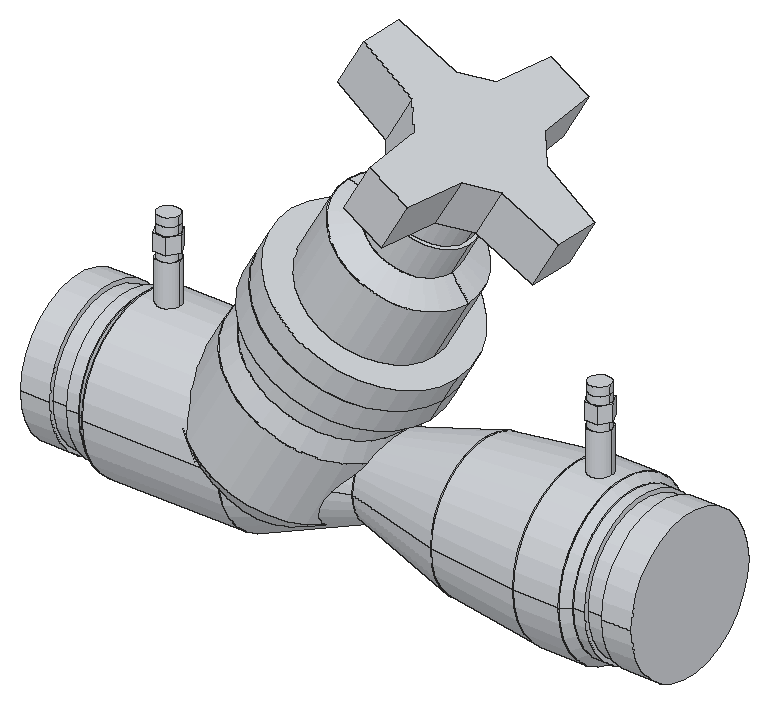
Revit family "447_d-DN040-RFA_2018", category Pipe Accessories, Revit 2018
Family settings
  Round Connector Dimension = Use Diameter
  Part Type = Valve - Breaks Into
  Work Plane-Based = No
  Always vertical = Yes
  Cut with Voids When Loaded = No
  Shared = No
Parameters (values of type "447_d-DN040")
  magiProductId = "6dc4a6b5eb924103b02307904d600f"
  magiProductFamilyId = "eab8c084d85f47fc9aed3208e9defb"
  magiPartTypeId = 304
  isMeasuringValve [instance] = no
  ang2D [instance] = 0.00°
  W3 = 9.08 mm
  W2D = 100 mm
  W2 = 17.092 mm
  W1 = 7.25 mm
  VersionID = "2.0/2018.4.11.4/ZETKAMA_447_GROOVED_001"
  Use Minimum Symbol Size [instance] = yes
  URL = "www.hydronix.cz"
  Type Comments = "drážkový spoj; PN16; -10~+120°C;"
  R9 = 31.2 mm
  R8 = 13.2 mm
  R7 = 14.4 mm
  R6 = 28.8 mm
  R5 = 37 mm
  R4 = 13.2 mm
  R3 = 26.4 mm
  R2 = 22.8 mm
  R13 = 4.29 mm
  R12 = 3.357 mm
  R11 = 3.73 mm
  R1 = 24 mm
  R = 20 mm
  QmdConnectorList = "301;D;302;D"
  Productdata [instance] = ""
  Model = ""
  Manufacturer = "Hydronix"
  Maintenance Zone Under Depth [instance] = 24 mm
  Maintenance Zone Right Depth [instance] = 200 mm
  Maintenance Zone Over Depth [instance] = 130 mm
  Maintenance Zone Left Depth [instance] = 200 mm
  Maintenance Zone Front Depth [instance] = 74 mm
  Maintenance Zone Back Depth [instance] = 74 mm
  Maintenance Zone Front Visibility [instance] = no
  MC Product Code = "447 040 d (DN40; PN16 kvs22,36)"
  MC Piping Given Pressure Drop [instance] = 0.0 Pa
  L9 = 29.841 mm
  L8__ve = -L8  # -14.921 mm
  L8 = 14.921 mm
  L6 = 44.762 mm
  L5 = 2.857 mm
  L4__ve = -L4  # -3.81 mm
  L4 = 3.81 mm
  L3__ve = -L3  # -5.714 mm
  L3 = 5.714 mm
  L2__ve = -L2  # -9.524 mm
  L2D_Min = 3048 mm
  L2D = 350 mm
  L2 = 9.524 mm
  L13 = 7.46 mm
  L12 = 7.25 mm
  L11 = 9.08 mm
  L10 = 17.092 mm
  L1 = 100 mm
  KZ = 16.667 mm
  KL = 28.868 mm
  H9 = 3.433 mm
  H8 = 22.317 mm
  H7 = 8.583 mm
  H6 = 10.3 mm
  H5 = 6.867 mm
  H4 = 25.75 mm
  H17 = 5.2 mm
  H16 = 2.6 mm
  H15 = 39.4 mm
  H14 = 17.167 mm
  H13 = 12.875 mm
  H11 = 13.733 mm
  H10 = 12.017 mm
  Description = "Ruční vyvažovací ventil s drážkovým spojem"
  D = 40 mm
  CenSd_R13_6 = R13 * cos(30.00°)  # 3.715 mm
  Clearance Zone Height Depth [instance] = 130 mm
  Clearance Zone Circular Radius [instance] = 100 mm
  Clearance Zone Visibility [instance] = no
Types (10, lengths in mm): name | magiProductId | W3 | W2 | W1 | R9 | R8 | R7 | R6 | R5 | R4 | R3 | R2 | R13 | R12 | R11 | R1 | R | Maintenance Zone Under Depth | Maintenance Zone Right Depth | Maintenance Zone Over Depth | Maintenance Zone Left Depth | Maintenance Zone Front Depth | Maintenance Zone Back Depth | MC Product Code | L9 | L8__ve | L8 | L6 | L5 | L4__ve | L4 | L3__ve | L3 | L2__ve | L2 | L13 | L12 | L11 | L10 | L1 | KZ | KL | H9 | H8 | H7 | H6 | H5 | H4 | H17 | H16 | H15 | H14 | H13 | H11 | H10 | D | CenSd_R13_6 | Clearance Zone Height Depth | Clearance Zone Circular Radius
  447_d-DN100 | "e5a6bfdd9ca54003a0551f5d760c3c" | 14.437 | 30.026 | 12.736 | 74.1 | 31.35 | 34.2 | 68.4 | 65 | 31.35 | 62.7 | 54.15 | 7.507 | 5.875 | 6.528 | 57 | 50 | 57 | 350 | 240 | 350 | 130 | 130 | "447 100 d (DN100; PN16 kvs180,5)" | 52.222 | -26.111 | 26.111 | 78.333 | 5 | -6.667 | 6.667 | -10 | 10 | -16.667 | 16.667 | 13.056 | 12.736 | 14.437 | 30.026 | 175 | 29.167 | 50.518 | 6.389 | 41.531 | 15.973 | 19.168 | 12.779 | 47.92 | 9.6 | 4.8 | 86.7 | 31.947 | 23.96 | 25.557 | 22.363 | 100 | 6.501 | 240 | 175
  447_d-DN125 | "5795ec580370482d8c46e49d975863" | 14.437 | 30.026 | 12.736 | 91.65 | 38.775 | 42.3 | 84.6 | 65 | 38.775 | 77.55 | 66.975 | 8.579 | 6.714 | 7.46 | 70.5 | 62.5 | 71 | 400 | 260 | 400 | 130 | 130 | "447 125 d (DN125; PN16 kvs280,0)" | 59.683 | -29.841 | 29.841 | 89.524 | 5.714 | -7.619 | 7.619 | -11.429 | 11.429 | -19.048 | 19.048 | 14.921 | 12.736 | 14.437 | 30.026 | 200 | 33.333 | 57.735 | 7.005 | 45.534 | 17.513 | 21.016 | 14.01 | 52.539 | 10.4 | 5.2 | 103.55 | 35.026 | 26.269 | 28.021 | 24.518 | 125 | 7.43 | 260 | 200
  447_d-DN150 | "9b6b5ad10a674c51b522359e7e2d39" | 14.437 | 30.026 | 12.736 | 109.2 | 46.2 | 50.4 | 100.8 | 65 | 46.2 | 92.4 | 79.8 | 10.295 | 8.057 | 8.952 | 84 | 75 | 84 | 480 | 285 | 480 | 130 | 130 | "447 150 d (DN150; PN16 kvs383,4)" | 71.619 | -35.81 | 35.81 | 107.429 | 6.857 | -9.143 | 9.143 | -13.714 | 13.714 | -22.857 | 22.857 | 17.905 | 12.736 | 14.437 | 30.026 | 240 | 40 | 69.282 | 7.775 | 50.537 | 19.437 | 23.325 | 15.55 | 58.312 | 11.4 | 5.7 | 120.9 | 38.875 | 29.156 | 31.1 | 27.212 | 150 | 8.916 | 285 | 240
  447_d-DN200 | "f5a67fe5c2444fc986ed7f87b9a4ed" | 31.658 | 71.601 | 30.372 | 142.35 | 60.225 | 65.7 | 131.4 | 155 | 60.225 | 120.45 | 104.025 | 12.869 | 10.071 | 11.19 | 109.5 | 100 | 110 | 600 | 480 | 600 | 310 | 310 | "447 200 d (DN200; PN16 kvs710,0)" | 89.524 | -44.762 | 44.762 | 134.286 | 8.571 | -11.429 | 11.429 | -17.143 | 17.143 | -28.571 | 28.571 | 22.381 | 30.372 | 31.658 | 71.601 | 300 | 50 | 86.603 | 12.394 | 80.56 | 30.984 | 37.181 | 24.788 | 92.953 | 19.2 | 9.6 | 168.45 | 61.969 | 46.477 | 49.575 | 43.378 | 200 | 11.145 | 480 | 300
  447_d-DN250 | "7d63ae0d28f64990bc8ce3477101ef" | 31.658 | 71.601 | 30.372 | 177.45 | 75.075 | 81.9 | 163.8 | 155 | 75.075 | 150.15 | 129.675 | 15.657 | 12.254 | 13.615 | 136.5 | 125 | 137 | 730 | 525 | 730 | 310 | 310 | "447 250 d (DN250; PN16 kvs1187,5)" | 108.921 | -54.46 | 54.46 | 163.381 | 10.429 | -13.905 | 13.905 | -20.857 | 20.857 | -34.762 | 34.762 | 27.23 | 30.372 | 31.658 | 71.601 | 365 | 60.833 | 105.366 | 13.779 | 89.566 | 34.449 | 41.338 | 27.559 | 103.346 | 21 | 10.5 | 202.65 | 68.897 | 51.673 | 55.118 | 48.228 | 250 | 13.56 | 525 | 365
  447_d-DN300 | "0a2a34dba99a430aa7daf784d6b0c1" | 31.658 | 71.601 | 30.372 | 210.6 | 89.1 | 97.2 | 194.4 | 155 | 89.1 | 178.2 | 153.9 | 18.231 | 14.268 | 15.853 | 162 | 150 | 162 | 850 | 535 | 850 | 310 | 310 | "447 300 d (DN300; PN16 kvs1504,1)" | 126.825 | -63.413 | 63.413 | 190.238 | 12.143 | -16.19 | 16.19 | -24.286 | 24.286 | -40.476 | 40.476 | 31.706 | 30.372 | 31.658 | 71.601 | 425 | 70.833 | 122.687 | 14.087 | 91.568 | 35.218 | 42.262 | 28.175 | 105.655 | 21.4 | 10.7 | 231.7 | 70.437 | 52.828 | 56.349 | 49.306 | 300 | 15.789 | 535 | 425
  447_d-DN040 | "6dc4a6b5eb924103b02307904d600f" | 9.08 | 17.092 | 7.25 | 31.2 | 13.2 | 14.4 | 28.8 | 37 | 13.2 | 26.4 | 22.8 | 4.29 | 3.357 | 3.73 | 24 | 20 | 24 | 200 | 130 | 200 | 74 | 74 | "447 040 d (DN40; PN16 kvs22,36)" | 29.841 | -14.921 | 14.921 | 44.762 | 2.857 | -3.81 | 3.81 | -5.714 | 5.714 | -9.524 | 9.524 | 7.46 | 7.25 | 9.08 | 17.092 | 100 | 16.667 | 28.868 | 3.433 | 22.317 | 8.583 | 10.3 | 6.867 | 25.75 | 5.2 | 2.6 | 39.4 | 17.167 | 12.875 | 13.733 | 12.017 | 40 | 3.715 | 130 | 100
  447_d-DN050 | "b59a3d0ad4654cda90cee0c397c848" | 9.08 | 17.092 | 7.25 | 39 | 16.5 | 18 | 36 | 37 | 16.5 | 33 | 28.5 | 4.933 | 3.861 | 4.29 | 30 | 25 | 30 | 230 | 130 | 230 | 130 | 130 | "447 050 d (DN50; PN16 kvs32,15)" | 34.317 | -17.159 | 17.159 | 51.476 | 3.286 | -4.381 | 4.381 | -6.571 | 6.571 | -10.952 | 10.952 | 8.579 | 7.25 | 9.08 | 17.092 | 115 | 19.167 | 33.198 | 3.433 | 22.317 | 8.583 | 10.3 | 6.867 | 25.75 | 5.2 | 2.6 | 46 | 17.167 | 12.875 | 13.733 | 12.017 | 50 | 4.272 | 130 | 115
  447_d-DN065 | "356db372cd37496c9ff0d3ad255dc6" | 14.437 | 30.026 | 12.736 | 49.4 | 20.9 | 22.8 | 45.6 | 65 | 20.9 | 41.8 | 36.1 | 6.22 | 4.868 | 5.409 | 38 | 32.5 | 38 | 290 | 220 | 290 | 130 | 130 | "447 065 d (DN65; PN16 kvs83,3)" | 43.27 | -21.635 | 21.635 | 64.905 | 4.143 | -5.524 | 5.524 | -8.286 | 8.286 | -13.81 | 13.81 | 10.817 | 12.736 | 14.437 | 30.026 | 145 | 24.167 | 41.858 | 5.774 | 37.528 | 14.434 | 17.321 | 11.547 | 43.301 | 8.8 | 4.4 | 63.8 | 28.868 | 21.651 | 23.094 | 20.207 | 65 | 5.387 | 220 | 145
  447_d-DN080 | "f43aa02b4841429783243073d22ea7" | 14.437 | 30.026 | 12.736 | 57.85 | 24.475 | 26.7 | 53.4 | 65 | 24.475 | 48.95 | 42.275 | 6.649 | 5.204 | 5.782 | 44.5 | 40 | 45 | 310 | 220 | 310 | 130 | 130 | "447 080 d (DN80; PN16 kvs104,3)" | 46.254 | -23.127 | 23.127 | 69.381 | 4.429 | -5.905 | 5.905 | -8.857 | 8.857 | -14.762 | 14.762 | 11.563 | 12.736 | 14.437 | 30.026 | 155 | 25.833 | 44.745 | 5.774 | 37.528 | 14.434 | 17.321 | 11.547 | 43.301 | 8.8 | 4.4 | 70.95 | 28.868 | 21.651 | 23.094 | 20.207 | 80 | 5.758 | 220 | 155
Reference planes
  plane 1 "Center (Front/Back)": y = 0
  plane 2 "XYPLANE": z = 0
  plane 3 "Center (Left/Right)": x = 0
  plane 4 "159": y = 74
  plane 5 "158": y = -74
  plane 6 "157": z = -24
  plane 7 "156": z = 130
  plane 8 "155": x = -200
  plane 9 "154": x = 200
  plane 10 "132": z = 49.8
  plane 11 "125": z = 47.2
  plane 12 "120": z = 42
  plane 13 "119": z = 39.4
  plane 14 "112": x = 70.635
  plane 15 "111": x = -70.635
  plane 16 "109": y = -9.08
  plane 17 "108": y = 9.08
  plane 18 "105": through (356.279, 0, 660.328) normal (0.866, 0, -0.5)
  plane 19 "104": through (343.721, 0, 667.578) normal (0.866, 0, -0.5)
  plane 20 "103": y = -17.092
  plane 21 "102": y = -7.25
  plane 22 "101": y = 17.092
  plane 23 "100": y = 7.25
  plane 24 "99": through (342.137, 0, 668.493) normal (0.866, 0, -0.5)
  plane 25 "98": through (335.198, 0, 672.499) normal (0.866, 0, -0.5)
  plane 26 "97": through (357.863, 0, 659.413) normal (0.866, 0, -0.5)
  plane 27 "96": through (364.802, 0, 655.407) normal (0.866, 0, -0.5)
  plane 28 "95": y = -37
  plane 29 "94": y = 37
  plane 30 "93": through (382.043, 0, 645.453) normal (0.866, 0, -0.5)
  plane 31 "92": through (317.957, 0, 682.453) normal (0.866, 0, -0.5)
  plane 32 "88": x = 33.333
  plane 33 "87": x = 63.175
  plane 34 "81": through (-602.061, 0, 457.2) normal (0.5, 0, 0.866)
  plane 35 "80": through (-608.928, 0, 445.306) normal (0.5, 0, 0.866)
  plane 36 "75": through (-614.936, 0, 434.9) normal (0.5, 0, 0.866)
  plane 37 "72": through (-616.653, 0, 431.926) normal (0.5, 0, 0.866)
  plane 38 "68": through (-627.811, 0, 412.6) normal (0.5, 0, 0.866)
  plane 39 "67": through (-632.103, 0, 405.166) normal (0.5, 0, 0.866)
  plane 40 "62": through (-664.29, 0, 349.416) normal (0.5, 0, 0.866)
  plane 41 "61": through (-636.394, 0, 397.733) normal (0.5, 0, 0.866)
  plane 42 "58": through (-641.544, 0, 388.813) normal (0.5, 0, 0.866)
  plane 43 "56": through (-644.977, 0, 382.866) normal (0.5, 0, 0.866)
  plane 44 "51": y = 0
  plane 45 "49": through (350, 0, 663.953) normal (0.866, 0, -0.5)
  plane 46 "48": through (-657.852, 0, 360.566) normal (0.5, 0, 0.866)
  plane 47 "30": x = 78.095
  plane 48 "29": x = 80.952
  plane 49 "28": x = 84.762
  plane 50 "27": x = 90.476
  plane 51 "14": x = -33.333
  plane 52 "13": x = -78.095
  plane 53 "12": x = -80.952
  plane 54 "11": x = -84.762
  plane 55 "10": x = -90.476
  plane 56 "8": x = -100
  plane 57 "7": x = 100
  plane 58 "6": y = 0
  plane 59 "5": x = 0
  plane 60 "4": z = 0
  plane 61 "45XY": through (-649.519, 0, 375) normal (0.5, 0, 0.866)
  plane 62 "45XZ": y = 0
  plane 63 "45YZ": through (375, 0, 649.519) normal (0.866, 0, -0.5)
Forms (mm)
  Blend 1, solid, visible <- "Maintenance Zone Front Visibility"
    base sketch origin (-750, 0, -24) x (1, 0, 0) y (0, 1, 0)
      loop
        line (550, 74) -> (550, -74) -> (950, -74) -> (950, 74) -> (550, 74)
    top sketch origin (-750, 0, -24) x (1, 0, 0) y (0, 1, 0)
      loop
        line (550, 74) -> (550, -74) -> (950, -74) -> (950, 74) -> (550, 74)
    from 0 to 154
  Extrusion 2, solid, visible <- "Clearance Zone Visibility"
    sketch origin (-750, 0, 0) x (1, 0, 0) y (0, 1, 0)
      loop
        circle (750, 0) r 100
    from 0 to 130 <- "Clearance Zone Height Depth"
  Extrusion 3, solid
    sketch origin (-750, 0, 49.8) x (1, 0, 0) y (0, 1, 0)
      loop
        circle (820.635, 0) r 3.357
    from 0 to 2.6 <- "H16"
  Extrusion 4, solid
    sketch origin (-750, 0, 47.2) x (1, 0, 0) y (0, 1, 0)
      loop
        circle (820.635, 0) r 3.357
    from 0 to 2.6 <- "H16"
  Extrusion 5, solid
    sketch origin (-750, 0, 49.8) x (1, 0, 0) y (0, 1, 0)
      loop
        circle (679.365, 0) r 3.357
    from 0 to 2.6 <- "H16"
  Extrusion 6, solid
    sketch origin (-750, 0, 47.2) x (1, 0, 0) y (0, 1, 0)
      loop
        circle (679.365, 0) r 3.357
    from 0 to 2.6 <- "H16"
  Extrusion 7, solid
    sketch origin (-750, 0, 42) x (1, 0, 0) y (0, 1, 0)
      loop
        line (824.925, 0) -> (822.78, 3.715) -> (818.49, 3.715) -> (816.345, 0) -> (818.49, -3.715) -> (822.78, -3.715) -> (824.925, 0)
    from 0 to 5.2 <- "H17"
  Extrusion 8, solid
    sketch origin (-750, 0, 42) x (1, 0, 0) y (0, 1, 0)
      loop
        line (683.655, 0) -> (681.51, 3.715) -> (677.22, 3.715) -> (675.075, 0) -> (677.22, -3.715) -> (681.51, -3.715) -> (683.655, 0)
    from 0 to 5.2 <- "H17"
  Extrusion 9, solid
    sketch origin (-750, 0, 39.4) x (1, 0, 0) y (0, 1, 0)
      loop
        circle (820.635, 0) r 3.357
    from 0 to 2.6 <- "H16"
  Extrusion 10, solid
    sketch origin (-750, 0, 39.4) x (1, 0, 0) y (0, 1, 0)
      loop
        circle (679.365, 0) r 3.357
    from 0 to 2.6 <- "H16"
  Extrusion 11, solid
    sketch origin (-750, 0, 0) x (1, 0, 0) y (0, 1, 0)
      loop
        circle (820.635, 0) r 3.73
    from 0 to 39.4 <- "H15"
  Extrusion 12, solid
    sketch origin (-750, 0, 0) x (1, 0, 0) y (0, 1, 0)
      loop
        circle (679.365, 0) r 3.73
    from 0 to 39.4 <- "H15"
  Extrusion 13, solid
    sketch origin (-602.061, 0, 457.2) x (0.866025, 0, -0.5) y (0, 1, 0)
      loop
        line (684.132, 7.25) -> (684.132, -7.25) -> (704.041, -9.08) -> (712.053, -17.092) -> (713.882, -37) -> (728.382, -37) -> (730.212, -17.092) -> (738.224, -9.08) -> (758.132, -7.25) -> (758.132, 7.25) -> (738.224, 9.08) -> (730.212, 17.092) -> (728.382, 37) -> (713.882, 37) -> (712.053, 17.092) -> (704.041, 9.08) -> (684.132, 7.25)
    from 0 to 17.167 <- "H14"
  Blend 14, solid
    base sketch origin (63.175, -750, 0) x (0, 1, 0) y (0, 0, 1)
      loop
        circle (750, 0) r 26.4
    top sketch origin (63.175, -750, 0) x (0, 1, 0) y (0, 0, 1)
      loop
        circle (750, 0) r 22.8
    from 0 to -29.841
  Extrusion 15, solid
    sketch origin (-632.103, 0, 405.166) x (0.866025, 0, -0.5) y (0, 1, 0)
      loop
        circle (721.132, 0) r 31.2
    from 0 to 8.583 <- "H7"
  Extrusion 16, solid
    sketch origin (-636.394, 0, 397.733) x (0.866025, 0, -0.5) y (0, 1, 0)
      loop
        circle (721.132, 0) r 31.2
    from 0 to 8.583 <- "H7"
  Extrusion 17, solid
    sketch origin (-608.928, 0, 445.306) x (0.866025, 0, -0.5) y (0, 1, 0)
      loop
        circle (721.132, 0) r 13.2
    from 0 to 13.733 <- "H11"
  Blend 18, solid
    base sketch origin (-616.653, 0, 431.926) x (0.866025, 0, -0.5) y (0, 1, 0)
      loop
        circle (721.132, 0) r 22.8
    top sketch origin (-616.653, 0, 431.926) x (0.866025, 0, -0.5) y (0, 1, 0)
      loop
        circle (721.132, 0) r 14.4
    from 0 to 3.433
  Extrusion 19, solid
    sketch origin (-627.811, 0, 412.6) x (0.866025, 0, -0.5) y (0, 1, 0)
      loop
        circle (721.132, 0) r 22.8
    from 0 to 22.317 <- "H8"
  Extrusion 20, solid
    sketch origin (-614.936, 0, 434.9) x (0.866025, 0, -0.5) y (0, 1, 0)
      loop
        circle (721.132, 0) r 14.4
    from 0 to 12.017 <- "H10"
  Blend 21, solid
    base sketch origin (-657.852, 0, 360.566) x (0.866025, 0, -0.5) y (0, 1, 0)
      loop
        circle (721.132, 0) r 28.8
    top sketch origin (-657.852, 0, 360.566) x (0.866025, 0, -0.5) y (0, 1, 0)
      loop
        circle (721.132, 0) r 20
    from 0 to -12.875
  Extrusion 22, solid
    sketch origin (-641.544, 0, 388.813) x (0.866025, 0, -0.5) y (0, 1, 0)
      loop
        circle (721.132, 0) r 26.4
    from 0 to 10.3 <- "H6"
  Blend 23, solid
    base sketch origin (-644.977, 0, 382.866) x (0.866025, 0, -0.5) y (0, 1, 0)
      loop
        circle (721.132, 0) r 28.8
    top sketch origin (-644.977, 0, 382.866) x (0.866025, 0, -0.5) y (0, 1, 0)
      loop
        circle (721.132, 0) r 26.4
    from 0 to 6.867
  Extrusion 24, solid
    sketch origin (-657.852, 0, 360.566) x (0.866025, 0, -0.5) y (0, 1, 0)
      loop
        circle (721.132, 0) r 28.8
    from 0 to 25.75 <- "H4"
  Extrusion 25, solid
    sketch origin (100, -750, 0) x (0, 1, 0) y (0, 0, 1)
      loop
        circle (750, 0) r 24
    from 0 to -9.524 <- "L2__ve"
  Extrusion 26, solid
    sketch origin (90.476, -750, 0) x (0, 1, 0) y (0, 0, 1)
      loop
        circle (750, 0) r 22.8
    from 0 to -5.714 <- "L3__ve"
  Extrusion 27, solid
    sketch origin (84.762, -750, 0) x (0, 1, 0) y (0, 0, 1)
      loop
        circle (750, 0) r 24
    from 0 to -3.81 <- "L4__ve"
  Blend 28, solid
    base sketch origin (80.952, -750, 0) x (0, 1, 0) y (0, 0, 1)
      loop
        circle (750, 0) r 24
    top sketch origin (80.952, -750, 0) x (0, 1, 0) y (0, 0, 1)
      loop
        circle (750, 0) r 26.4
    from 0 to -2.857
  Extrusion 29, solid
    sketch origin (78.095, -750, 0) x (0, 1, 0) y (0, 0, 1)
      loop
        circle (750, 0) r 26.4
    from 0 to -14.921 <- "L8__ve"
  Blend 30, solid
    base sketch origin (33.333, -750, 0) x (0, 1, 0) y (0, 0, 1)
      loop
        circle (750, 0) r 22.8
    top sketch origin (33.333, -750, 0) x (0, 1, 0) y (0, 0, 1)
      loop
        circle (750, 0) r 13.2
    from 0 to -33.333
  Blend 31, solid
    base sketch origin (-33.333, -750, 0) x (0, 1, 0) y (0, 0, 1)
      loop
        circle (750, 0) r 26.4
    top sketch origin (-33.333, -750, 0) x (0, 1, 0) y (0, 0, 1)
      loop
        circle (750, 0) r 13.2
    from 0 to 33.333
  Extrusion 32, solid
    sketch origin (-78.095, -750, 0) x (0, 1, 0) y (0, 0, 1)
      loop
        circle (750, 0) r 26.4
    from 0 to 44.762 <- "L6"
  Blend 33, solid
    base sketch origin (-80.952, -750, 0) x (0, 1, 0) y (0, 0, 1)
      loop
        circle (750, 0) r 24
    top sketch origin (-80.952, -750, 0) x (0, 1, 0) y (0, 0, 1)
      loop
        circle (750, 0) r 26.4
    from 0 to 2.857
  Extrusion 34, solid
    sketch origin (-84.762, -750, 0) x (0, 1, 0) y (0, 0, 1)
      loop
        circle (750, 0) r 24
    from 0 to 3.81 <- "L4"
  Extrusion 35, solid
    sketch origin (-90.476, -750, 0) x (0, 1, 0) y (0, 0, 1)
      loop
        circle (750, 0) r 22.8
    from 0 to 5.714 <- "L3"
  Extrusion 36, solid
    sketch origin (-100, -750, 0) x (0, 1, 0) y (0, 0, 1)
      loop
        circle (750, 0) r 24
    from 0 to 9.524 <- "L2"
  Extrusion 37, solid, not visible
    sketch origin (-100, -750, 0) x (0, 1, 0) y (0, 0, 1)
      loop
        circle (750, 0) r 4.514
    from 0 to 10
  Extrusion 38, solid, not visible
    sketch origin (100, -750, 0) x (0, 1, 0) y (0, 0, 1)
      loop
        circle (750, 0) r 4.514
    from 0 to -10
Lines and regions (mm)
  reference lines, not visible
    curve 1: circle (2, 2, 0) r 1 normal (0, 0, 1)
  reference lines
    curve 2: line (70.635, 0, 42) -> (68.758, 3.251, 42)
    curve 3: line (70.635, 0, 42) -> (66.881, 0, 42)
    curve 4: line (70.635, 0, 42) -> (68.758, -3.251, 42)
    curve 5: line (-70.635, 0, 42) -> (-72.512, 3.251, 42)
    curve 6: line (-70.635, 0, 42) -> (-74.388, 0, 42)
    curve 7: line (-70.635, 0, 42) -> (-72.512, -3.251, 42)
Dimensions and locks
  plane 1 "Center (Front/Back)" to curve 1 = 2 mm
  "Maintenance Zone Back Depth": plane 1 "Center (Front/Back)" to plane 4 "159"
  "Maintenance Zone Front Depth": plane 1 "Center (Front/Back)" to plane 5 "158"
  "Maintenance Zone Under Depth": plane 2 "XYPLANE" to plane 6 "157"
  "Maintenance Zone Over Depth": plane 2 "XYPLANE" to plane 7 "156"
  "Maintenance Zone Left Depth": plane 3 "Center (Left/Right)" to plane 8 "155"
  "Maintenance Zone Right Depth": plane 3 "Center (Left/Right)" to plane 9 "154"
  "H16": plane 11 "125" to plane 10 "132"
  "H17": plane 12 "120" to plane 11 "125"
  "H16": plane 13 "119" to plane 12 "120"
  "H15": plane 2 "XYPLANE" to plane 13 "119"
  "L13": plane 47 "30" to plane 14 "112"
  "L13": plane 52 "13" to plane 15 "111"
  "W3": plane 44 "51" to plane 16 "109"
  "W3": plane 44 "51" to plane 17 "108"
  "L12": plane 45 "49" to plane 18 "105"
  "L12": plane 45 "49" to plane 19 "104"
  "W2": plane 58 "6" to plane 20 "103"
  "W1": plane 58 "6" to plane 21 "102"
  "W2": plane 58 "6" to plane 22 "101"
  "W1": plane 58 "6" to plane 23 "100"
  "L11": plane 45 "49" to plane 24 "99"
  "L10": plane 45 "49" to plane 25 "98"
  "L11": plane 45 "49" to plane 26 "97"
  "L10": plane 45 "49" to plane 27 "96"
  "R5": plane 58 "6" to plane 28 "95"
  "R5": plane 58 "6" to plane 29 "94"
  "R5": plane 45 "49" to plane 30 "93"
  "R5": plane 45 "49" to plane 31 "92"
  "L9": plane 33 "87" to plane 32 "88"
  "L8": plane 47 "30" to plane 33 "87"
  "H11": plane 35 "80" to plane 34 "81"
  "H10": plane 36 "75" to plane 35 "80"
  "H9": plane 37 "72" to plane 36 "75"
  "H8": plane 38 "68" to plane 37 "72"
  "H7": plane 39 "67" to plane 38 "68"
  "H7": plane 41 "61" to plane 39 "67"
  "H13": plane 46 "48" to plane 40 "62"
  "H6": plane 42 "58" to plane 41 "61"
  "H5": plane 43 "56" to plane 42 "58"
  "H4": plane 46 "48" to plane 43 "56"
  locked: plane 58 "6" to plane 44 "51"
  "KL": plane 63 "45YZ" to plane 45 "49"
  "KZ": plane 61 "45XY" to plane 46 "48"
  "L5": plane 48 "29" to plane 47 "30"
  "L4": plane 49 "28" to plane 48 "29"
  "L3": plane 50 "27" to plane 49 "28"
  "L2": plane 57 "7" to plane 50 "27"
  "L6": plane 52 "13" to plane 51 "14"
  "L5": plane 53 "12" to plane 52 "13"
  "L4": plane 54 "11" to plane 53 "12"
  "L3": plane 55 "10" to plane 54 "11"
  "L2": plane 56 "8" to plane 55 "10"
  "L1": plane 3 "Center (Left/Right)" to plane 56 "8"
  "L1": plane 3 "Center (Left/Right)" to plane 57 "7"
  locked: plane 1 "Center (Front/Back)" to plane 58 "6"
  locked: plane 3 "Center (Left/Right)" to plane 59 "5"
  locked: plane 2 "XYPLANE" to plane 60 "4"
  Blend 1 sketch curve to Blend 1 sketch curve = 0 mm  (x16)
  "CenSd_R13_6": curve 2 to Extrusion 7 sketch curve  (x2)
  "CenSd_R13_6": curve 3 to Extrusion 7 sketch curve  (x2)
  "CenSd_R13_6": curve 4 to Extrusion 7 sketch curve  (x2)
  Extrusion 7 sketch curve to Extrusion 7 sketch curve = 0 mm  (x12)
  "CenSd_R13_6": curve 5 to Extrusion 8 sketch curve  (x2)
  "CenSd_R13_6": curve 6 to Extrusion 8 sketch curve  (x2)
  "CenSd_R13_6": curve 7 to Extrusion 8 sketch curve  (x2)
  Extrusion 8 sketch curve to Extrusion 8 sketch curve = 0 mm  (x12)
  Extrusion 13 sketch curve to Extrusion 13 sketch curve = 0 mm  (x32)
  "Clearance Zone Circular Radius": radius of Extrusion 2 sketch curve
  "R12": radius of Extrusion 3 sketch curve
  "R12": radius of Extrusion 4 sketch curve
  "R12": radius of Extrusion 5 sketch curve
  "R12": radius of Extrusion 6 sketch curve
  "R12": radius of Extrusion 9 sketch curve
  "R12": radius of Extrusion 10 sketch curve
  "R11": radius of Extrusion 11 sketch curve
  "R11": radius of Extrusion 12 sketch curve
  "R2": radius of Blend 14 sketch curve
  "R3": radius of Blend 14 sketch curve
  "R9": radius of Extrusion 15 sketch curve
  "R9": radius of Extrusion 16 sketch curve
  "R8": radius of Extrusion 17 sketch curve
  "R7": radius of Blend 18 sketch curve
  "R2": radius of Blend 18 sketch curve
  "R2": radius of Extrusion 19 sketch curve
  "R7": radius of Extrusion 20 sketch curve
  "R": radius of Blend 21 sketch curve
  "R6": radius of Blend 21 sketch curve
  "R3": radius of Extrusion 22 sketch curve
  "R3": radius of Blend 23 sketch curve
  "R6": radius of Blend 23 sketch curve
  "R6": radius of Extrusion 24 sketch curve
  "R1": radius of Extrusion 25 sketch curve
  "R2": radius of Extrusion 26 sketch curve
  "R1": radius of Extrusion 27 sketch curve
  "R3": radius of Blend 28 sketch curve
  "R1": radius of Blend 28 sketch curve
  "R3": radius of Extrusion 29 sketch curve
  "R4": radius of Blend 30 sketch curve
  "R2": radius of Blend 30 sketch curve
  "R4": radius of Blend 31 sketch curve
  "R3": radius of Blend 31 sketch curve
  "R3": radius of Extrusion 32 sketch curve
  "R3": radius of Blend 33 sketch curve
  "R1": radius of Blend 33 sketch curve
  "R1": radius of Extrusion 34 sketch curve
  "R2": radius of Extrusion 35 sketch curve
  "R1": radius of Extrusion 36 sketch curve
  locked: curve 3 to curve 2 (angle 60.00°)
  locked: curve 4 to curve 3 (angle 60.00°)
  locked: curve 4 to curve 2 (angle 120.00°)
  locked: curve 6 to curve 5 (angle 60.00°)
  locked: curve 7 to curve 6 (angle 60.00°)
  locked: curve 7 to curve 5 (angle 120.00°)
  aligned and locked: level to plane 2 "XYPLANE"
  aligned and locked: Blend 1 sketch curve to plane 8 "155"  (x2)
  aligned and locked: plane 4 "159" to Blend 1 sketch curve  (x4)
  aligned and locked: plane 5 "158" to Blend 1 sketch curve  (x4)
  aligned and locked: plane 8 "155" to Blend 1 sketch curve  (x2)
  aligned and locked: plane 9 "154" to Blend 1 sketch curve  (x4)
  aligned and locked: plane 7 "156" to Blend 1
  aligned and locked: plane 58 "6" to Extrusion 2 sketch curve
  aligned and locked: plane 59 "5" to Extrusion 2 sketch curve
  aligned and locked: plane 14 "112" to Extrusion 3 sketch curve
  aligned and locked: plane 58 "6" to Extrusion 3 sketch curve
  aligned and locked: plane 14 "112" to Extrusion 4 sketch curve
  aligned and locked: plane 58 "6" to Extrusion 4 sketch curve
  aligned and locked: plane 15 "111" to Extrusion 5 sketch curve
  aligned and locked: plane 58 "6" to Extrusion 5 sketch curve
  aligned and locked: plane 15 "111" to Extrusion 6 sketch curve
  aligned and locked: plane 58 "6" to Extrusion 6 sketch curve
  aligned and locked: plane 14 "112" to curve 4
  aligned and locked: plane 58 "6" to curve 4
  aligned and locked: plane 15 "111" to curve 6
  aligned and locked: plane 58 "6" to curve 6
  aligned and locked: plane 14 "112" to Extrusion 9 sketch curve
  aligned and locked: plane 58 "6" to Extrusion 9 sketch curve
  aligned and locked: plane 15 "111" to Extrusion 10 sketch curve
  aligned and locked: plane 58 "6" to Extrusion 10 sketch curve
  aligned and locked: plane 14 "112" to Extrusion 11 sketch curve
  aligned and locked: plane 58 "6" to Extrusion 11 sketch curve
  aligned and locked: plane 15 "111" to Extrusion 12 sketch curve
  aligned and locked: plane 58 "6" to Extrusion 12 sketch curve
  aligned and locked: Extrusion 13 sketch curve to plane 31 "92"  (x2)
  aligned and locked: plane 23 "100" to Extrusion 13 sketch curve  (x2)
  aligned and locked: plane 21 "102" to Extrusion 13 sketch curve  (x2)
  aligned and locked: plane 16 "109" to Extrusion 13 sketch curve  (x2)
  aligned and locked: Extrusion 13 sketch curve to plane 25 "98"
  aligned and locked: plane 20 "103" to Extrusion 13 sketch curve  (x2)
  aligned and locked: Extrusion 13 sketch curve to plane 24 "99"
  aligned and locked: plane 28 "95" to Extrusion 13 sketch curve  (x2)
  aligned and locked: Extrusion 13 sketch curve to plane 19 "104"
  aligned and locked: Extrusion 13 sketch curve to plane 18 "105"
  aligned and locked: Extrusion 13 sketch curve to plane 26 "97"
  aligned and locked: Extrusion 13 sketch curve to plane 27 "96"
  aligned and locked: Extrusion 13 sketch curve to plane 30 "93"
  aligned and locked: plane 30 "93" to Extrusion 13 sketch curve
  aligned and locked: plane 17 "108" to Extrusion 13 sketch curve  (x2)
  aligned and locked: plane 27 "96" to Extrusion 13 sketch curve
  aligned and locked: plane 22 "101" to Extrusion 13 sketch curve  (x2)
  aligned and locked: plane 26 "97" to Extrusion 13 sketch curve
  aligned and locked: plane 18 "105" to Extrusion 13 sketch curve
  aligned and locked: plane 29 "94" to Extrusion 13 sketch curve  (x2)
  aligned and locked: plane 19 "104" to Extrusion 13 sketch curve
  aligned and locked: plane 24 "99" to Extrusion 13 sketch curve
  aligned and locked: plane 25 "98" to Extrusion 13 sketch curve
  aligned and locked: Blend 14 sketch curve to plane 58 "6"  (x2)
  aligned and locked: plane 60 "4" to Blend 14 sketch curve  (x2)
  aligned and locked: Blend 14 to plane 32 "88"
  aligned and locked: plane 44 "51" to Extrusion 15 sketch curve
  aligned and locked: Extrusion 15 sketch curve to plane 45 "49"
  aligned and locked: plane 44 "51" to Extrusion 16 sketch curve
  aligned and locked: Extrusion 16 sketch curve to plane 45 "49"
  aligned and locked: plane 44 "51" to Extrusion 17 sketch curve
  aligned and locked: Extrusion 17 sketch curve to plane 45 "49"
  aligned and locked: plane 44 "51" to Blend 18 sketch curve  (x2)
  aligned and locked: Blend 18 sketch curve to plane 45 "49"  (x2)
  aligned and locked: plane 36 "75" to Blend 18
  aligned and locked: plane 44 "51" to Extrusion 19 sketch curve
  aligned and locked: Extrusion 19 sketch curve to plane 45 "49"
  aligned and locked: plane 44 "51" to Extrusion 20 sketch curve
  aligned and locked: Extrusion 20 sketch curve to plane 45 "49"
  aligned and locked: plane 44 "51" to Blend 21 sketch curve  (x2)
  aligned and locked: Blend 21 sketch curve to plane 45 "49"  (x2)
  aligned and locked: Blend 21 to plane 40 "62"
  aligned and locked: plane 44 "51" to Extrusion 22 sketch curve
  aligned and locked: Extrusion 22 sketch curve to plane 45 "49"
  aligned and locked: plane 44 "51" to Blend 23 sketch curve  (x2)
  aligned and locked: Blend 23 sketch curve to plane 45 "49"  (x2)
  aligned and locked: plane 42 "58" to Blend 23
  aligned and locked: plane 44 "51" to Extrusion 24 sketch curve
  aligned and locked: Extrusion 24 sketch curve to plane 45 "49"
  aligned and locked: Extrusion 25 sketch curve to plane 58 "6"
  aligned and locked: plane 60 "4" to Extrusion 25 sketch curve
  aligned and locked: Extrusion 26 sketch curve to plane 58 "6"
  aligned and locked: plane 60 "4" to Extrusion 26 sketch curve
  aligned and locked: Extrusion 27 sketch curve to plane 58 "6"
  aligned and locked: plane 60 "4" to Extrusion 27 sketch curve
  aligned and locked: Blend 28 sketch curve to plane 58 "6"  (x2)
  aligned and locked: plane 60 "4" to Blend 28 sketch curve  (x2)
  aligned and locked: Blend 28 to plane 47 "30"
  aligned and locked: Extrusion 29 sketch curve to plane 58 "6"
  aligned and locked: plane 60 "4" to Extrusion 29 sketch curve
  aligned and locked: Blend 30 sketch curve to plane 58 "6"  (x2)
  aligned and locked: plane 60 "4" to Blend 30 sketch curve  (x2)
  aligned and locked: Blend 30 to plane 59 "5"
  aligned and locked: Blend 31 sketch curve to plane 58 "6"  (x2)
  aligned and locked: plane 60 "4" to Blend 31 sketch curve  (x2)
  aligned and locked: plane 59 "5" to Blend 31
  aligned and locked: Extrusion 32 sketch curve to plane 58 "6"
  aligned and locked: plane 60 "4" to Extrusion 32 sketch curve
  aligned and locked: Blend 33 sketch curve to plane 58 "6"  (x2)
  aligned and locked: plane 60 "4" to Blend 33 sketch curve  (x2)
  aligned and locked: plane 52 "13" to Blend 33
  aligned and locked: Extrusion 34 sketch curve to plane 58 "6"
  aligned and locked: plane 60 "4" to Extrusion 34 sketch curve
  aligned and locked: Extrusion 35 sketch curve to plane 58 "6"
  aligned and locked: plane 60 "4" to Extrusion 35 sketch curve
  aligned and locked: Extrusion 36 sketch curve to plane 58 "6"
  aligned and locked: plane 60 "4" to Extrusion 36 sketch curve
  aligned and locked: Extrusion 37 sketch curve to plane 58 "6"
  aligned and locked: plane 60 "4" to Extrusion 37 sketch curve
  aligned and locked: Extrusion 38 sketch curve to plane 58 "6"
  aligned and locked: plane 60 "4" to Extrusion 38 sketch curve
Automatic sketch dimensions
  plane 21 "102" to Extrusion 37 sketch curve = 2.736 mm
  plane 21 "102" to Extrusion 38 sketch curve = 2.736 mm
  plane 3 "Center (Left/Right)" to curve 1 = 2 mm
  radius of curve 1 = 1 mm
Connectors
  piping at (-100, 0, 0), diameter 40, driven by "D"
    settings: on Extrusion 37, index 1, connector inside diameter 609.6 mm, connector length 0 mm, flow factor 0, pipe flow 0.0 L/s, pressure drop 0.0 Pa, fitting loss kfactor 0, connector angle 0.00°, fixture units 0, engagement length 0 mm, angle of deflection 0.00°, flow configuration 0, flow direction 0, fitting loss method 0, system type 29, joint type 0, gender type 0, connector reference index 2, connector utility 0, adjustable connector no, is connector primary yes, connector description ""
  piping at (100, 0, 0), diameter 40, driven by "D"
    settings: on Extrusion 38, index 2, connector inside diameter 609.6 mm, connector length 0 mm, flow factor 0, pipe flow 0.0 L/s, pressure drop 0.0 Pa, fitting loss kfactor 0, connector angle 0.00°, fixture units 0, engagement length 0 mm, angle of deflection 0.00°, flow configuration 0, flow direction 0, fitting loss method 0, system type 29, joint type 0, gender type 0, connector reference index 1, connector utility 0, adjustable connector no, is connector primary no, connector description ""
